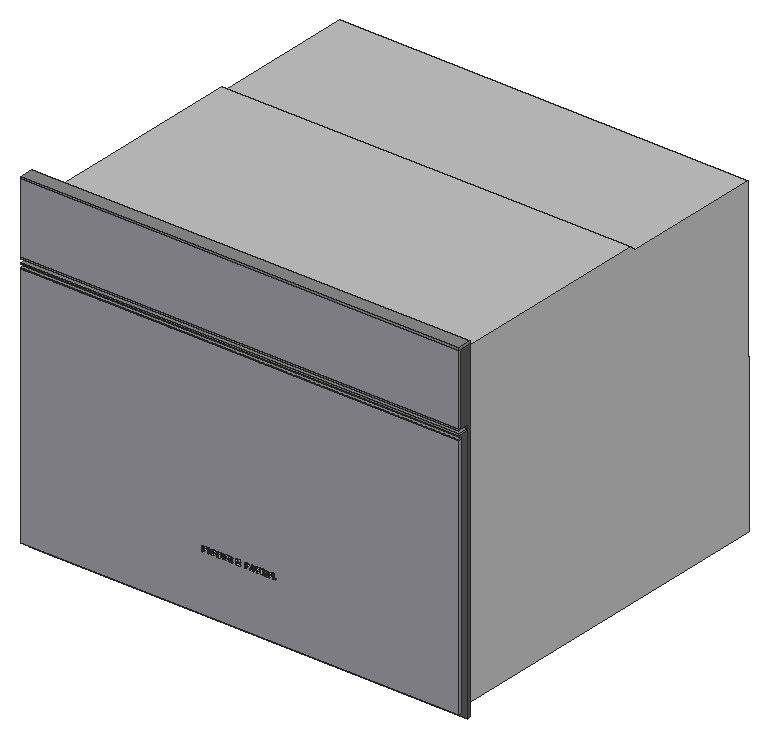
Revit family "FP-Revit20-en-OS60NMTNB1-OS60NMTNG1-CompactSteamOven-0-90003587A-AU-NZ-SG-IE-UK-CN", category Specialty Equipment, Revit 2020
Family settings
  Round Connector Dimension = Use Diameter
  Part Type = Normal
  OmniClass Number = 23.40.40.14.17.11
  OmniClass Title = Cookers, Ovens, Stoves
  Work Plane-Based = No
  Always vertical = Yes
  Cut with Voids When Loaded = Yes
  Shared = No
  Room Calculation Point = No
Parameters (values of type "OS60NMTNG1 (Grey Glass)")
  Visibility - Clearance Required = yes
  URL = "www.fisherpaykel.com"
  Product - Height = 458 mm  # constant formula
  Product - Width = 596 mm  # constant formula
  Product - Depth = 565 mm  # constant formula
  Door Opening - Height = 347 mm  # constant formula
  Model = "OS60NMTNG1"
  Material - Trim = Fisher & Paykel - Aluminium, Dark
  Material - Structure = Fisher & Paykel - Black
  Material - Glass = Fisher & Paykel - Glass, Grey
  Material - Body = Fisher & Paykel - Grey
  Manufacturer = "Fisher & Paykel Appliances"
  FFL Offset [instance] = 900 mm
  Description = "Compact Steam Oven, 60cm, 23 Function"
  Default Elevation = 0 mm
  Connector Description - Electrical = "220-250V, 50Hz ,15A"
  Chassis - Width = 556 mm  # constant formula
  Chassis - Height = 435 mm  # constant formula
  Chassis - Depth = 545 mm  # constant formula
  Cavity - Width = 560 mm  # constant formula
  Cavity - Height = 440 mm  # constant formula
  Cavity - Depth = 550 mm  # constant formula
Types (2, lengths in mm): name | Model | Material - Glass | Connector Description - Electrical
  OS60NMTNB1 (Black Glass) | "OS60NMTNB1" | Fisher & Paykel - Glass, Black | "220-250V, 50Hz ,20A"
  OS60NMTNG1 (Grey Glass) | "OS60NMTNG1" | Fisher & Paykel - Glass, Grey | "220-250V, 50Hz ,15A"
Reference planes
  plane 1 "Datum": y = 0
  plane 2: z = -2
  plane 3 "Center (Left/Right)": x = 0
  plane 4 "Product - LHS": x = -298
  plane 5 "Product - RHS": x = 298
  plane 6 "Cavity - RHS": x = 280
  plane 7 "FFL Offset": z = 898
  plane 8 "Chassis - Depth": y = 545
  plane 9 "Front Face": y = -20
  plane 10 "Chassis - Height": z = 1333
  plane 11 "Cavity - Height": z = 1338
  plane 12 "Opening - Height": z = 1245
  plane 13 "Cavity - LHS": x = -280
  plane 14 "Cavity - Depth": y = 550
  plane 15 "Product - Height": z = 1356
  plane 16 "Opening - RHS": x = 300
  plane 17 "Opening - LHS": x = -300
  plane 18 "Chassis - LHS": x = -278
  plane 19 "Chassis RHS": x = 278
Forms (mm)
  Extrusion 1, solid, material "Fisher & Paykel - Grey" <- "Material - Body"
    sketch origin (0, 0, 0) x (0, 1, 0) y (0, 0, 1)
      loop
        line (0, 1333) -> (0, 898) -> (528, 898) -> (528, 948) -> (545, 968) -> (545, 1163) -> (498, 1218) -> (498, 1326) -> (305, 1326) -> (298, 1333) -> (0, 1333)
    from -278 to 278
  Extrusion 2, solid, material "Fisher & Paykel - Black" <- "Material - Structure", detail levels fine
    sketch origin (0, 0, 0) x (0, 1, 0) y (0, 0, 1)
      loop
        line (0, 1352.7) -> (-16, 1352.7) -> (-16, 1256) -> (-4, 1256) -> (-4, 898) -> (0, 898) -> (0, 1352.7)
    from -298 to 298
  Extrusion 3, solid, material "Fisher & Paykel - Glass, Grey" <- "Material - Glass", detail levels fine
    sketch origin (0, 0, -3) x (0, 1, 0) y (0, 0, 1)
      loop
        line (-20, 1246.4) -> (-20, 912.8) -> (-16, 912.8) -> (-16, 1246.4) -> (-20, 1246.4)
      loop
        line (-20, 1260.8) -> (-16, 1260.8) -> (-16, 1355.7) -> (-20, 1355.7) -> (-20, 1260.8)
    from -298 to 298
  Extrusion 4, solid, material "Fisher & Paykel - Clearance Required", visible <- "Visibility - Clearance Required", detail levels coarse
    sketch origin (0, 0, -2) x (1, 0, 0) y (0, 1, 0)
      loop
        line (-280, 0) -> (280, 0) -> (280, 550) -> (-280, 550) -> (-280, 0)
    from 900 to 1340
  Extrusion 5, void
    sketch origin (0, 0, 0) x (0, 1, 0) y (0, 0, 1)
      loop
        line (-20, 898) -> (0, 898) -> (0, 1245) -> (-20, 1245) -> (-20, 898)
    from -300 to 300
  Extrusion 6, solid, material "Fisher & Paykel - Grey" <- "Material - Body"
    sketch origin (0, 2, 0) x (0, 1, 0) y (0, 0, 1)
      loop
        line (496, 1293.999) -> (496, 1237) -> (517.999, 1237) -> (517.999, 1293.999) -> (496, 1293.999)
    from -221 to -127
  Extrusion 7, solid, material "Fisher & Paykel - Aluminium, Dark" <- "Material - Trim", detail levels fine
    sketch origin (0, 0, -1.199) x (0, 1, 0) y (0, 0, 1)
      loop
        line (-16, 1257.199) -> (-16, 1258.999) -> (-20, 1258.999) -> (-20, 1257.199) -> (-16, 1257.199)
      loop
        line (-16, 1244.599) -> (-16, 1246.199) -> (-20, 1246.199) -> (-20, 1244.599) -> (-16, 1244.599)
      loop
        line (-4, 1250.799) -> (-4, 1252.399) -> (-20, 1252.399) -> (-20, 1250.799) -> (-4, 1250.799)
      loop
        line (0, 1353.899) -> (0, 1357.199) -> (-20, 1357.199) -> (-20, 1353.899) -> (0, 1353.899)
    from -298 to 298
  Extrusion 8, void
    sketch origin (0, 0, -2) x (1, 0, 0) y (0, 1, 0)
      loop
        line (201.865, 545) -> (229, 498) -> (278, 498) -> (278, 545) -> (201.865, 545)
      loop
        line (-201.865, 545) -> (-278, 545) -> (-278, 498) -> (-229, 498) -> (-201.865, 545)
    from 900 to 1340
  Extrusion 9, solid, material "Fisher & Paykel - Grey" <- "Material - Body"
    sketch origin (0, 6.626, -14.403) x (0, 1, 0) y (0, 0, 1)
      loop
        circle (501.374, 1279.903) r 5
    from -271 to -221
  Extrusion 10, void
    sketch origin (0, 0, -2) x (1, 0, 0) y (0, 1, 0)
      loop
        line (-280, 0) -> (280, 0) -> (280, 550) -> (-280, 550) -> (-280, 0)
    from 900 to 1340
  Extrusion 11, solid, material "Fisher & Paykel - Glass, Grey" <- "Material - Glass", detail levels coarse+medium
    sketch origin (0, 0, 0) x (0, 1, 0) y (0, 0, 1)
      loop
        line (0, 1356) -> (-20, 1356) -> (-20, 1256) -> (-4, 1256) -> (-4, 1251.2) -> (-4, 1242.5) -> (-16, 1242.5) -> (-16, 1245) -> (-20, 1245) -> (-20, 909.8) -> (-4, 909.8) -> (-4, 898) -> (0, 898) -> (0, 1356)
    from -298 to 298
  Extrusion 12, solid, material "Fisher & Paykel - Black", detail levels fine
    sketch origin (0, 0, 0) x (0, 1, 0) y (0, 0, 1)
      loop
        line (-16, 1242.5) -> (-16, 909.8) -> (-4, 909.8) -> (-4, 1242.5) -> (-16, 1242.5)
    from -278 to 278
  Extrusion 13, solid, material "Fisher & Paykel - Clearance Required", visible <- "Visibility - Clearance Required", detail levels coarse
    sketch origin (0, 0, -15) x (0, 1, 0) y (0, 0, 1)
      loop
        line (-20, 927.07) -> (-20, 913) -> (0, 913) -> (0, 1260) -> (-20, 1260)
        arc (-20, 1260) -> (-242.697, 1184.786) -> (-349.951, 975.626) r 312.455
        line (-349.951, 975.626) -> (-20, 927.07)
    from -300 to 300
Cuts and joins
  Extrusion 8 cuts Extrusion 1
Text (mm)
  text "Due to ongoing product development, product details are subject to change without notice. \nPlease always refer to www.fisherpaykel.com for the most current product information. \n© Fisher & Paykel 2020" at (41.04, -613.295, 0), in view "Ref. Level (Plan)"
Dimensions and locks
  equal spacing: plane 4 "Product - LHS", plane 3 "Center (Left/Right)", plane 5 "Product - RHS"
  "Product - Width": plane 4 "Product - LHS" to plane 5 "Product - RHS"
  "FFL Offset": plane 7 "FFL Offset" to level
  locked: plane 9 "Front Face" to plane 1 "Datum" at 20
  "Cavity - Height": plane 11 "Cavity - Height" to plane 7 "FFL Offset"
  "Chassis - Height": plane 10 "Chassis - Height" to plane 7 "FFL Offset"
  "Cavity - Depth": plane 1 "Datum" to plane 14 "Cavity - Depth"
  "Cavity - Width": plane 13 "Cavity - LHS" to plane 6 "Cavity - RHS"
  Extrusion 5 to Extrusion 3 = 11.8 mm
  "Chassis - Depth": plane 1 "Datum" to plane 8 "Chassis - Depth"
  equal spacing: plane 13 "Cavity - LHS", plane 3 "Center (Left/Right)", plane 6 "Cavity - RHS"
  "Door Opening - Height": plane 7 "FFL Offset" to plane 12 "Opening - Height"
  "Product - Height": plane 7 "FFL Offset" to plane 15 "Product - Height"
  equal spacing: cut or joined group of Extrusion 1, Extrusion 8, plane 3 "Center (Left/Right)", cut or joined group of Extrusion 1, Extrusion 8
  "Chassis - Width": cut or joined group of Extrusion 1, Extrusion 8 to cut or joined group of Extrusion 1, Extrusion 8
  locked: nested 1 to plane 15 "Product - Height" at 366.018
  plane 8 "Chassis - Depth" to plane 9 "Front Face" = 565 mm
  aligned and locked: level to plane 2
  aligned and locked: plane 4 "Product - LHS" to Extrusion 3
  aligned and locked: Extrusion 3 to plane 5 "Product - RHS"
  aligned and locked: plane 4 "Product - LHS" to Extrusion 2
  aligned and locked: Extrusion 2 to plane 5 "Product - RHS"
  aligned and locked: Extrusion 1 to plane 7 "FFL Offset"
  aligned and locked: Extrusion 7 to plane 5 "Product - RHS"
  aligned and locked: Extrusion 7 to Extrusion 3
  aligned and locked: Extrusion 3 to Extrusion 5
  aligned and locked: Extrusion 3 to Extrusion 7
  aligned and locked: Extrusion 7 to plane 1 "Datum"
  aligned and locked: plane 9 "Front Face" to Extrusion 5
  aligned and locked: Extrusion 4 to plane 6 "Cavity - RHS"
  aligned and locked: Extrusion 9 to Extrusion 6
  aligned and locked: plane 11 "Cavity - Height" to Extrusion 4
  aligned and locked: Extrusion 5 to plane 12 "Opening - Height"
  aligned and locked: Extrusion 5 to Extrusion 2
  aligned and locked: Extrusion 7 to plane 15 "Product - Height"
  aligned and locked: Extrusion 7 to Extrusion 2
  aligned and locked: Extrusion 8 to Extrusion 1
  aligned and locked: Extrusion 4 to Extrusion 2
  aligned and locked: Extrusion 4 to Extrusion 8
  aligned and locked: Extrusion 4 to plane 7 "FFL Offset"
  aligned and locked: Extrusion 1 to Extrusion 8
  aligned and locked: Extrusion 11 sketch curve to plane 15 "Product - Height"
  aligned and locked: plane 11 "Cavity - Height" to Extrusion 10
  aligned and locked: Extrusion 2 to Extrusion 10
  aligned and locked: plane 10 "Chassis - Height" to Extrusion 1
  aligned and locked: Extrusion 3 to Extrusion 12
  aligned and locked: Extrusion 2 to Extrusion 3
Automatic sketch dimensions
  Extrusion 1 sketch curve to plane 1 "Datum" = 0 mm
  Extrusion 1 sketch curve to plane 10 "Chassis - Height" = 0 mm
  Extrusion 1 sketch curve to plane 7 "FFL Offset" = 0 mm
  Extrusion 1 sketch curve to plane 8 "Chassis - Depth" = 0 mm
  Extrusion 1 sketch curve to Extrusion 1 sketch curve = 7 mm
  Extrusion 1 sketch curve to plane 10 "Chassis - Height" = 7 mm
  plane 7 "FFL Offset" to Extrusion 1 sketch curve = 50 mm
  Extrusion 1 sketch curve to Extrusion 1 sketch curve = 20 mm
  Extrusion 1 sketch curve to Extrusion 1 sketch curve = 163 mm
  Extrusion 1 sketch curve to Extrusion 1 sketch curve = 55 mm
  Extrusion 2 sketch curve to plane 7 "FFL Offset" = 0 mm
  Extrusion 2 sketch curve to plane 1 "Datum" = 0 mm
  plane 1 "Datum" to Extrusion 2 sketch curve = 4 mm
  Extrusion 2 sketch curve to plane 9 "Front Face" = 4 mm
  Extrusion 2 sketch curve to plane 10 "Chassis - Height" = 77 mm
  plane 15 "Product - Height" to Extrusion 2 sketch curve = 3.3 mm
  Extrusion 3 sketch curve to plane 9 "Front Face" = 0 mm  (x2)
  Extrusion 3 sketch curve to Extrusion 3 sketch curve = 4 mm  (x2)
  plane 7 "FFL Offset" to Extrusion 3 sketch curve = 11.8 mm
  Extrusion 3 sketch curve to plane 10 "Chassis - Height" = 89.6 mm
  Extrusion 3 sketch curve to Extrusion 3 sketch curve = 14.4 mm
  plane 15 "Product - Height" to Extrusion 3 sketch curve = 3.3 mm
  Extrusion 4 sketch curve to plane 13 "Cavity - LHS" = 0 mm
  Extrusion 4 sketch curve to plane 6 "Cavity - RHS" = 0 mm
  plane 1 "Datum" to Extrusion 4 sketch curve = 0 mm
  Extrusion 4 sketch curve to plane 14 "Cavity - Depth" = 0 mm
  Extrusion 5 sketch curve to plane 9 "Front Face" = 0 mm
  Extrusion 5 sketch curve to plane 1 "Datum" = 0 mm
  Extrusion 5 sketch curve to plane 7 "FFL Offset" = 0 mm
  plane 12 "Opening - Height" to Extrusion 5 sketch curve = 0 mm
  Extrusion 6 sketch curve to Extrusion 6 sketch curve = 21.999 mm
  Extrusion 6 sketch curve to plane 10 "Chassis - Height" = 96 mm
  Extrusion 6 sketch curve to plane 10 "Chassis - Height" = 39.001 mm
  Extrusion 7 sketch curve to plane 9 "Front Face" = 0 mm  (x4)
  Extrusion 7 sketch curve to plane 1 "Datum" = 0 mm
  plane 15 "Product - Height" to Extrusion 7 sketch curve = 0 mm
  Extrusion 7 sketch curve to Extrusion 7 sketch curve = 4 mm  (x2)
  plane 1 "Datum" to Extrusion 7 sketch curve = 4 mm
  plane 15 "Product - Height" to Extrusion 7 sketch curve = 3.3 mm
  Extrusion 7 sketch curve to plane 10 "Chassis - Height" = 75.2 mm
  Extrusion 7 sketch curve to Extrusion 7 sketch curve = 1.8 mm
  Extrusion 7 sketch curve to Extrusion 7 sketch curve = 4.8 mm
  Extrusion 7 sketch curve to Extrusion 7 sketch curve = 1.6 mm  (x2)
  Extrusion 7 sketch curve to Extrusion 7 sketch curve = 4.6 mm
  Extrusion 8 sketch curve to plane 8 "Chassis - Depth" = 0 mm  (x2)
  Extrusion 8 sketch curve to plane 18 "Chassis - LHS" = 0 mm
  Extrusion 8 sketch curve to plane 19 "Chassis RHS" = 0 mm
  Extrusion 8 sketch curve to Extrusion 8 sketch curve = 49 mm  (x2)
  Extrusion 8 sketch curve to Extrusion 8 sketch curve = 27.135 mm
  Extrusion 8 sketch curve to Extrusion 8 sketch curve = 76.135 mm
  Extrusion 9 sketch curve to plane 10 "Chassis - Height" = 67.5 mm
  Extrusion 10 sketch curve to plane 13 "Cavity - LHS" = 0 mm
  Extrusion 10 sketch curve to plane 6 "Cavity - RHS" = 0 mm
  plane 1 "Datum" to Extrusion 10 sketch curve = 0 mm
  Extrusion 10 sketch curve to plane 14 "Cavity - Depth" = 0 mm
  Extrusion 11 sketch curve to plane 9 "Front Face" = 0 mm  (x2)
  Extrusion 11 sketch curve to plane 7 "FFL Offset" = 0 mm
  Extrusion 11 sketch curve to plane 1 "Datum" = 0 mm
  Extrusion 11 sketch curve to Extrusion 11 sketch curve = 4 mm
  plane 1 "Datum" to Extrusion 11 sketch curve = 4 mm  (x2)
  plane 7 "FFL Offset" to Extrusion 11 sketch curve = 11.8 mm
  Extrusion 11 sketch curve to plane 10 "Chassis - Height" = 90.5 mm
  Extrusion 11 sketch curve to Extrusion 11 sketch curve = 2.5 mm
  Extrusion 11 sketch curve to Extrusion 11 sketch curve = 8.7 mm
  Extrusion 11 sketch curve to Extrusion 11 sketch curve = 11 mm
  Extrusion 12 sketch curve to plane 9 "Front Face" = 4 mm
  plane 1 "Datum" to Extrusion 12 sketch curve = 4 mm
  plane 7 "FFL Offset" to Extrusion 12 sketch curve = 11.8 mm
  Extrusion 12 sketch curve to plane 10 "Chassis - Height" = 90.5 mm
  Extrusion 1 sketch curve to plane 8 "Chassis - Depth" = 247 mm
  Extrusion 1 sketch curve to plane 8 "Chassis - Depth" = 47 mm
  Extrusion 1 sketch curve to plane 8 "Chassis - Depth" = 17 mm
  Extrusion 6 sketch curve to plane 8 "Chassis - Depth" = 47 mm
  Extrusion 8 sketch curve to plane 8 "Chassis - Depth" = 47 mm  (x2)
  Extrusion 9 sketch curve to plane 8 "Chassis - Depth" = 37 mm
  Extrusion 13 sketch curve to plane 7 "FFL Offset" = 0 mm
  Extrusion 13 sketch curve to plane 9 "Front Face" = 0 mm  (x3)
  Extrusion 13 sketch curve to plane 1 "Datum" = 0 mm
  plane 12 "Opening - Height" to Extrusion 13 sketch curve = 0 mm  (x2)
  plane 9 "Front Face" to Extrusion 13 sketch curve = 18.71 mm
  plane 7 "FFL Offset" to Extrusion 13 sketch curve = 14.07 mm
  Extrusion 13 sketch curve to Extrusion 13 sketch curve = 21.035 mm
  plane 7 "FFL Offset" to Extrusion 13 sketch curve = 62.626 mm
  radius of Extrusion 9 sketch curve = 5 mm
Nested families
  nested 1: "F&P Logo 100mm" at (0.044, -20, 987.177), type "Grey"
Connectors
  electrical at (-174, 519.999, 1265.5)
    settings: on Extrusion 6, index 1, voltage 240 V, apparent load 0 VA, apparent load phase1 0 VA, apparent load phase2 0 VA, apparent load phase3 0 VA, power factor 1, load classification "Other", number of poles 1, system type 31, power factor state 1, is connector primary yes, connector utility no, sub classification motor no, connector description ""
Definition of nested family "F&P Logo 100mm"
  Parameters (values of type "Grey")
    URL = "www.fisherpaykel.com"
    Material - Logo = none
    Manufacturer = "Fisher & Paykel Appliances"
    Default Elevation = 0 mm
  Reference planes
    plane 1 "Center (Front/Back)": y = 0
    plane 2: z = 0
    plane 3 "Center (Left/Right)": x = 0
    plane 4 "Logo": z = 2.805
  Forms (mm)
    Extrusion 1, solid, material <- "Material - Logo", detail levels fine
      sketch origin (0, 0, 0) x (1, 0, 0) y (0, 0, 1)
        loop
          line (-50.044, 0) -> (-48.47, 0) -> (-48.47, 2.138) -> (-46.011, 2.138) -> (-46.011, 3.472) -> (-48.47, 3.472) -> (-48.47, 4.712) -> (-45.795, 4.712) -> (-45.795, 6.04) -> (-50.044, 6.04) -> (-50.044, 0)
        loop
          line (-42.804, 6.04) -> (-42.804, 0) -> (-41.23, 0) -> (-41.23, 6.04) -> (-42.804, 6.04)
        loop
          line (-30.724, 6.04) -> (-30.724, 0) -> (-29.151, 0) -> (-29.151, 2.42) -> (-26.839, 2.42) -> (-26.839, 0) -> (-25.265, 0) -> (-25.265, 6.04) -> (-26.839, 6.04) -> (-26.839, 3.748) -> (-29.151, 3.748) -> (-29.151, 6.04) -> (-30.724, 6.04)
        loop
          line (-21.906, 6.04) -> (-21.906, 0) -> (-17.602, 0) -> (-17.602, 1.328) -> (-20.347, 1.328) -> (-20.347, 2.42) -> (-17.838, 2.42) -> (-17.838, 3.748) -> (-20.347, 3.748) -> (-20.347, 4.712) -> (-17.602, 4.712) -> (-17.602, 6.04) -> (-21.906, 6.04)
        loop
          line (45.667, 6.04) -> (45.667, 0) -> (49.956, 0) -> (49.956, 1.328) -> (47.241, 1.328) -> (47.241, 6.04) -> (45.667, 6.04)
        loop
          line (42.431, 6.04) -> (38.112, 6.04) -> (38.112, 0) -> (42.431, 0) -> (42.431, 1.328) -> (39.687, 1.328) -> (39.687, 2.42) -> (42.195, 2.42) -> (42.195, 3.748) -> (39.687, 3.748) -> (39.687, 4.712) -> (42.431, 4.712) -> (42.431, 6.04)
        loop
          line (33.443, 3.137) -> (35.683, 6.04) -> (33.844, 6.04) -> (31.915, 3.542) -> (31.915, 6.04) -> (30.342, 6.04) -> (30.342, 0) -> (31.915, 0) -> (31.915, 2.705) -> (33.903, 0) -> (35.747, 0) -> (33.443, 3.137)
        loop
          line (21.98, 6.04) -> (24.262, 2.42) -> (24.262, 0) -> (25.837, 0) -> (25.837, 2.341) -> (28.119, 6.04) -> (26.446, 6.04) -> (25.099, 3.707) -> (23.753, 6.04) -> (21.98, 6.04)
        loop
          line (18.479, 6.04) -> (16.983, 6.04) -> (14.524, 0) -> (16.069, 0) -> (16.501, 1.112) -> (18.786, 1.112) -> (19.219, 0) -> (20.938, 0) -> (18.479, 6.04)
        loop
          line (18.4, 2.439) -> (17.693, 4.174) -> (17.018, 2.439) -> (18.4, 2.439)
        loop
          line (8.031, 6.04) -> (8.031, 0) -> (9.605, 0) -> (9.605, 1.938) -> (10.599, 1.938)
          arc (10.599, 1.938) -> (12.65, 3.989) -> (10.599, 6.04) r 2.051
          line (10.599, 6.04) -> (8.031, 6.04)
        loop
          line (9.605, 4.712) -> (9.605, 3.197) -> (10.501, 3.197)
          arc (10.501, 3.197) -> (11.259, 3.954) -> (10.501, 4.712) r 0.757
          line (10.501, 4.712) -> (9.605, 4.712)
        loop
          line (-11.783, 6.04) -> (-14.366, 6.04) -> (-14.366, 0) -> (-12.792, 0) -> (-12.792, 1.336) -> (-11.992, 1.336) -> (-10.972, 0) -> (-9.153, 0) -> (-10.694, 1.973)
          arc (-10.694, 1.973) -> (-9.678, 4.424) -> (-11.783, 6.04) r 2.179
        loop
          line (-11.897, 4.712) -> (-12.792, 4.712) -> (-12.792, 3.053) -> (-11.897, 3.053)
          arc (-11.897, 3.053) -> (-11.068, 3.882) -> (-11.897, 4.712) r 0.83
        loop
          line (0.477, 4.712) -> (0.477, 6.153) -> (-3.575, 6.153) -> (-3.575, 4.851) -> (-2.974, 4.112)
          arc (-2.974, 4.112) -> (-3.51, 0.684) -> (-0.045, 0.512) r 2.334
          line (-0.045, 0.512) -> (0.46, -0.109) -> (2.246, -0.109) -> (0.86, 1.594) -> (2.061, 3.324) -> (0.443, 3.324) -> (-0.013, 2.667) -> (-1.677, 4.712) -> (0.477, 4.712)
        loop
          arc (-2.125, 3.068) -> (-2.269, 1.668) -> (-0.868, 1.524) r 0.996
          line (-0.868, 1.524) -> (-2.125, 3.068)
        loop
          line (-35.18, 3.634) -> (-36.516, 3.91)
          arc (-36.516, 3.91) -> (-37.049, 4.443) -> (-36.516, 4.976) r 0.533
          arc (-36.516, 4.976) -> (-35.235, 4.79) -> (-34.059, 4.248) r 4.505
          line (-34.059, 4.248) -> (-34.059, 5.743)
          arc (-34.059, 5.743) -> (-35.549, 6.179) -> (-37.1, 6.109) r 4.726
          arc (-37.1, 6.109) -> (-38.536, 4.335) -> (-37.1, 2.561) r 1.814
          line (-37.1, 2.561) -> (-35.754, 2.282)
          arc (-35.754, 2.282) -> (-35.221, 1.749) -> (-35.754, 1.216) r 0.533
          arc (-35.754, 1.216) -> (-37.035, 1.402) -> (-38.211, 1.945) r 4.505
          line (-38.211, 1.945) -> (-38.211, 0.449)
          arc (-38.211, 0.449) -> (-36.72, 0.013) -> (-35.169, 0.083) r 4.726
          arc (-35.169, 0.083) -> (-33.734, 1.863) -> (-35.18, 3.634) r 1.814
      from 0 to 0.8
  Dimensions and locks
    aligned and locked: level to plane 2
